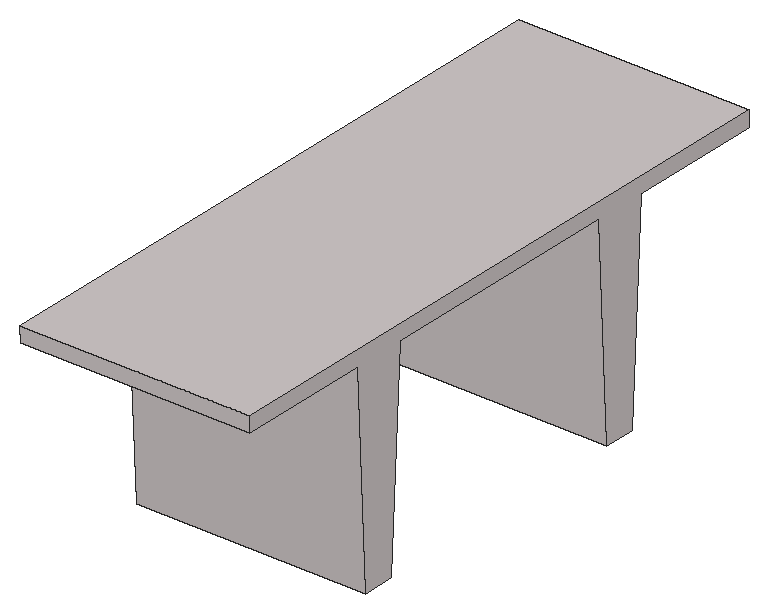
Revit family "e61e7369c73d4366915b7f9f55560d5d", category Structural Framing, Revit 2021
Family settings
  Display in Hidden Views = Edges Hidden by Beam Itself
  Structural Framing Length Roundoff = 0' - 0"
  Section Shape = Not Defined
  Material for Model Behavior = Precast Concrete
  Always export as geometry = No
  OmniClass Number = 23.25.30.11.14.14
  OmniClass Title = Beams
  Seek Item ID = Precast-Concrete Double Tees-0000-USA-ENU
  Always vertical = Yes
  Cut with Voids When Loaded = No
  Symbolic Representation = From Family
  Shared = No
  Show family pre-cut in plan views = Yes
Parameters (values of type "48"x43"")
  Tie Rod Weight [instance] = 30
  Tie Rod W [instance] = (Tie Rod Weight) * 2.20313 kip / 1000  # 0.0660938 kip
  Structural Material [instance] = Concrete, Precast
  Single Rebar Weight [instance] = 50
  Single Rebar W [instance] = (Single Rebar Weight * 2.20313 kip) / 1000  # 0.110156 kip
  Rebar Grids Weight [instance] = 100
  Rebar Grids W [instance] = (Rebar Grids Weight * 2.20313 kip) / 1000  # 0.220313 kip
  Depth = 3' - 7"
  Cr = 2' - 2"
  Slope Dim = Hu / 20  # 0' - 2"
  Hu = 3' - 4"
  Ho = Depth - Hu  # 0' - 3"
  Cl = 2' - 2"
  Bur = 0' - 6"
  Bul = 0' - 6"
  B = Cl + A + Cr + 4 * Slope Dim + Bur + Bul  # 10' - 0"
  Assembly Code = ""
  Length [instance] = 5' - 0"
  A = 4' - 0"
Types (3): name | Depth | Cr | Slope Dim | Hu | Ho | Cl | Bur | Bul | B
  (no name) | 3' - 7" | 2' - 2" | 0' - 2" | 3' - 4" | 0' - 3" | 2' - 2" | 0' - 6" | 0' - 6" | 10' - 0"
  48"x43" | 3' - 7" | 2' - 2" | 0' - 2" | 3' - 4" | 0' - 3" | 2' - 2" | 0' - 6" | 0' - 6" | 10' - 0"
  48"x48" | 4' - 0" | 0' - 0" | 0' - 2.1" | 3' - 6" | 0' - 6" | 0' - 0" | 0' - 5" | 0' - 5" | 5' - 6.4"
Reference planes (in)
  plane 1 "Center (Front/Back)": y = 0
  plane 2: z = 0
  plane 3 "Center (Left/Right)": x = 0.1815
  plane 4 "Member Left": x = -21.94448
  plane 5 "Member Right": x = 22.30748
  plane 6 "Left": x = -29.8185
  plane 7 "Right": x = 30.1815
  plane 8: z = 21.5
  plane 9: z = 18.5
  plane 10: y = 34
  plane 11: y = 24
  plane 12: y = -24
  plane 13: y = -34
  plane 14: y = 60
  plane 15: y = -60
  plane 16: z = -21.5
  plane 17: y = 32
  plane 18: y = 26
  plane 19: y = -26
  plane 20: y = -32
  plane 21: y = 60
  plane 22: z = 21.5
Forms (in)
  Sweep 1, solid, material "Concrete, Precast" <- "Structural Material"
    path origin (0, 0, -9.84252) x (-1, 0, 0) y (0, -1, 0)
      loop
        line (21.94448, 0) -> (-22.30748, 0)
    profile origin (0.1815, 0, -9.84252) x (0, 1, 0) y (0, 0, 1)
      loop
        line (60, 31.34252) -> (-60, 31.34252) -> (-60, 28.34252) -> (60, 28.34252) -> (60, 31.34252)
  Sweep 2, solid, material "Concrete, Precast" <- "Structural Material"
    path origin (0, 0, -9.84252) x (-1, 0, 0) y (0, -1, 0)
      loop
        line (21.94448, 0) -> (-22.30748, 0)
    profile origin (0.1815, 0, -9.84252) x (0, 1, 0) y (0, 0, 1)
      loop
        line (34, 28.34252) -> (24, 28.34252) -> (26, -11.65748) -> (32, -11.65748) -> (34, 28.34252)
      loop
        line (-24, 28.34252) -> (-34, 28.34252) -> (-32, -11.65748) -> (-26, -11.65748) -> (-24, 28.34252)
Cuts and joins
  joined: Sweep 1, Sweep 2
Dimensions and locks (in)
  "Length": plane 6 "Left" to plane 7 "Right"
  equal spacing: plane 11, plane 1 "Center (Front/Back)", plane 12
  "A": plane 11 to plane 12
  equal spacing: plane 8, plane 2, plane 16
  "Hu": plane 9 to plane 16
  "Bul": plane 17 to plane 18
  "Bur": plane 19 to plane 20
  "Cl": plane 14 to plane 10
  "Slope Dim": plane 10 to plane 17
  "Slope Dim": plane 18 to plane 11
  "Slope Dim": plane 12 to plane 19
  "Slope Dim": plane 20 to plane 13
  "Cr": plane 13 to plane 15
  "B": plane 21 to plane 15
  "Ho": plane 8 to plane 9
  "Depth": plane 22 to plane 16
  aligned and locked: Sweep 1 sketch curve to plane 8
  aligned and locked: plane 14 to Sweep 1 sketch curve
  aligned and locked: plane 9 to Sweep 1 sketch curve
  aligned and locked: Sweep 1 sketch curve to plane 15
  aligned and locked: Sweep 2 sketch curve to plane 13
  aligned and locked: plane 9 to Sweep 2 sketch curve  (x3)
  aligned and locked: Sweep 2 sketch curve to plane 12
  aligned and locked: Sweep 2 sketch curve to plane 20
  aligned and locked: plane 16 to Sweep 2 sketch curve  (x4)
  aligned and locked: Sweep 2 sketch curve to plane 19
  aligned and locked: plane 18 to Sweep 2 sketch curve
  aligned and locked: plane 17 to Sweep 2 sketch curve
  aligned and locked: Sweep 2 sketch curve to plane 9
  aligned and locked: Sweep 2 sketch curve to plane 11
  aligned and locked: Sweep 2 sketch curve to plane 10
  aligned and locked: plane 4 "Member Left" to Sweep 1 sketch curve
  aligned and locked: plane 5 "Member Right" to Sweep 1 sketch curve
  aligned and locked: plane 5 "Member Right" to Sweep 2 sketch curve
  aligned and locked: plane 4 "Member Left" to Sweep 2 sketch curve
Automatic sketch dimensions
  Sweep 1 sketch curve to plane 1 "Center (Front/Back)" = 0' - 0"
  Sweep 2 sketch curve to plane 1 "Center (Front/Back)" = 0' - 0"
